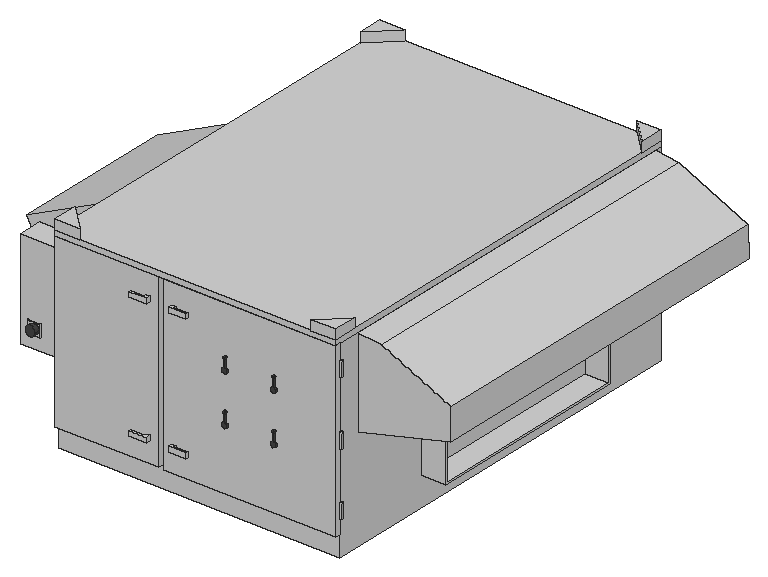
Revit family "HE4XRTH_FEB23", category Mechanical Equipment, Revit 2019
Family settings
  Round Connector Dimension = Use Diameter
  Part Type = Normal
  OmniClass Number = 23.75.00.00
  OmniClass Title = Climate Control (HVAC)
  Work Plane-Based = No
  Always vertical = Yes
  Cut with Voids When Loaded = No
  Shared = No
  Room Calculation Point = No
Parameters (values of type "2.0 HP 120V Single Phase")
  Voltage = "120"
  Ventilation Type = "Static Plate, Heat and Humidity Transfer"
  Unit Width = "83\""
  Unit Weight = "838-1,143 lbs."
  Unit Length = "94\""
  Unit Height = "44\""
  Unit = Metal - RenewAire - Anodized - Gray Text
  URL = "www.renewaire.com"
  Typical Airflow Range = "1,000 - 4,400 CFM"
  Standard Features = "TEFC Premium efficiency motors, Motor starters, Non-Fused Disconnect, 24VAC Transformer/Relay Package"
  Shipping Weight = "1,279 lbs."
  Service Area Visibility = no
  Service Area Box = Interference - RenewAire - Smooth - Light - Gold
  Revit Object Download Link = ""
  Phase = "Single"
  Options = "Integrated programmable controls, Fused disconnect, Double wall construction, Factory supplied and mounted variable frequency drives (VFDs) – one or both airstreams, Class 1 low leakage motorized isolation dampers – OA, RA or both airstreams, Qty. 2 Factory mounted filter alarms, Exterior Paint - white, custom colors"
  Number Motors = "Qty. 2, Belt drive blower/standard motor packages with adjustable sheaves"
  Model = "HE 4XRTH"
  Minimum Circuit Amps = "45.0 A"
  Maximum Overcurrent Protection = "60 A"
  Max. Shipping Width = "90\""
  Max. Shipping Length = "80\""
  Max. Shipping Height = "67\""
  Manufacturer = "RenewAire LLC"
  Frequency = "60 HZ"
  FLA per Motor = "20.0"
  Description = "Energy Recovery Ventilator"
  Connector Base Material = Glass - With - Transparency
  Accessories = "Filters - MERV 13, 2\" (shipped loose),Roof curb - standard 14\", Curb wind clip, Engineered combo curb for Carrier RTU, Engineered combo curb for Trane RTU, Digital time clock - wall mount(TC7D-W), in exterior enclosure (TC7D-E), Motion occupancy control - ceiling mount(MC-C), wall mount(MC-W), Carbon dioxide control - wall mount (CO2-W), duct mount(CO2-D), Electric duct heater – EK series (1-60 KW); EH series (61-175kW), designed for indoor ductwork installation only, Indirect gas-fired duct furnace - GH Series (50-400 MBH), installed downstream of any fans"
  AHRI 1060 Certified Core = "Four L125-G5"
Types (13): name | Voltage | Phase | Minimum Circuit Amps | Maximum Overcurrent Protection | FLA per Motor
  (no name) | "120" | "Single" | "45.0 A" | "60 A" | "20.0"
  2.0 HP 120V Single Phase | "120" | "Single" | "45.0 A" | "60 A" | "20.0"
  2.0 HP 208-230V Three Phase | "208-230" | "Three" | "14.9 A" | "20 A" | "6.6-5.8"
  2.0 HP 208-230 Single Phase | "208-230" | "Single" | "24.3 A" | "35 A" | "10.8-10.0"
  2.0 HP 460V Three Phase | "460" | "Three" | "6.5 A" | "15 A" | "2.9"
  2.0 HP 575V Three Phase | "575" | "Three" | "5.4 A" | "15 A" | "2.4"
  3.0 HP 208-230V Single Phase | "208-230" | "Single" | "33.1" | "40 A" | "14.7-14"
  3.0 HP 208-230V Three Phase | "208-230" | "Three" | "21.1 A" | "25 A" | "9.4-8.5"
  3.0 HP 460V Three Phase | "460" | "Three" | "9.5 A" | "15 A" | "4.2"
  3.0 HP 575V Three Phase | "575" | "Three" | "7.4 A" | "15 A" | "3.3"
  5.0 HP 208-230V Three Phase | "208-230" | "Three" | "32.6 A" | "45 A" | "14.5-13.4"
  5.0 HP 460V Three Phase | "460" | "Three" | "15.1 A" | "20 A" | "6.7"
  5.0 HP 575V Three Phase | "575" | "Three" | "11.9 A" | "15 A" | "5.3"
Reference planes (in)
  plane 1 "Center (Front/Back)": y = 0
  plane 2: z = 0
  plane 3 "Center (Left/Right)": x = 0
Forms (in)
  Extrusion 1, solid, material "Metal - RenewAire - Anodized - Gray Text" <- "Unit"
    sketch origin (0, 0, 0) x (1, 0, 0) y (0, 0, 1)
      loop
        line (-28.6875, 0) -> (28.6875, 0) -> (28.6875, 39.25) -> (-28.6875, 39.25) -> (-28.6875, 0)
    from 40.5625 to -41.5625
  Extrusion 2, solid, material "Metal - RenewAire - Anodized - Gray Text"
    sketch origin (0, 0, 0) x (1, 0, 0) y (0, 0, 1)
      loop
        line (-28.6875, 39.25) -> (28.6875, 39.25) -> (28.6875, 40.25) -> (-28.6875, 40.25) -> (-28.6875, 39.25)
    from 41.5625 to -41.5625
  Extrusion 3, solid, material "Metal - RenewAire - Anodized - Gray Text"
    sketch origin (0, 0, 0) x (1, 0, 0) y (0, 0, 1)
      loop
        line (-6.4375, 39.25) -> (-6.4375, 4.25) -> (28.6875, 4.25) -> (28.6875, 39.25) -> (-6.4375, 39.25)
      loop
        line (-28.6875, 39.25) -> (-28.6875, 4.25) -> (-7.5625, 4.25) -> (-7.5625, 39.25) -> (-28.6875, 39.25)
    from 41.5625 to 40.5625
  Extrusion 4, solid, material "Metal - RenewAire - Anodized - Gray Text"
    sketch origin (0, -10.4375, 0) x (1, 0, 0) y (0, 1, 0)
      loop
        circle (-28.9375, -30.125) r 0.25
      loop
        circle (28.9375, -30.125) r 0.25
    from 10.25 to 7.25
  Extrusion 5, solid, material "Metal - RenewAire - Anodized - Gray Text"
    sketch origin (0, -10.4375, 0) x (1, 0, 0) y (0, 1, 0)
      loop
        circle (-28.9375, -30.125) r 0.25
      loop
        circle (28.9375, -30.125) r 0.25
    from 36.25 to 33.25
  Extrusion 6, solid, material "Metal - RenewAire - Anodized - Gray Text"
    sketch origin (0, -10.4375, 0) x (1, 0, 0) y (0, 1, 0)
      loop
        circle (-28.9375, -30.125) r 0.25
      loop
        circle (28.9375, -30.125) r 0.25
    from 23.125 to 20.125
  Extrusion 7, solid, material "Metal - RenewAire - Anodized - Gray Text"
    sketch origin (0, -10.4375, 0) x (1, 0, 0) y (0, 1, 0)
      loop
        line (-4.6875, -31.125) -> (-4.6875, -32) -> (-1.1875, -32) -> (-1.1875, -31.625) -> (-3.9375, -31.625) -> (-3.9375, -31.125) -> (-4.6875, -31.125)
      loop
        line (-9.3125, -31.125) -> (-10.0625, -31.125) -> (-10.0625, -31.625) -> (-12.8125, -31.625) -> (-12.8125, -32) -> (-9.3125, -32) -> (-9.3125, -31.125)
    from 9.5 to 8.5
  Extrusion 8, solid, material "Metal - RenewAire - Anodized - Gray Text"
    sketch origin (0, -10.4375, 0) x (1, 0, 0) y (0, 1, 0)
      loop
        line (-4.6875, -31.125) -> (-4.6875, -32) -> (-1.1875, -32) -> (-1.1875, -31.625) -> (-3.9375, -31.625) -> (-3.9375, -31.125) -> (-4.6875, -31.125)
      loop
        line (-9.3125, -31.125) -> (-10.0625, -31.125) -> (-10.0625, -31.625) -> (-12.8125, -31.625) -> (-12.8125, -32) -> (-9.3125, -32) -> (-9.3125, -31.125)
    from 35 to 34
  Extrusion 9, solid, material "Metal - RenewAire - Anodized - Gray Text"
    sketch origin (0, 0, -3.36861) x (1, 0, 0) y (0, 0, 1)
      loop
        line (-28.6875, 37.5) -> (-39, 37.5) -> (-39, 17.5) -> (-28.6875, 17.5) -> (-28.6875, 37.5)
    from 37.5625 to 32.5625
  Extrusion 10, solid, material "Metal - RenewAire - Anodized - Gray Text"
    sketch origin (0, 0, -3.36861) x (1, 0, 0) y (0, 0, 1)
      loop
        line (-37.375, 22.5) -> (-37.375, 20) -> (-34.875, 20) -> (-34.875, 22.5) -> (-37.375, 22.5)
    from 37.6875 to 37.5625
  Extrusion 11, solid, material "MonitorPorts"
    sketch origin (0, 0, -3.36861) x (1, 0, 0) y (0, 0, 1)
      loop
        circle (-36.125, 21.25) r 1
    from 38.5625 to 37.5625
  Extrusion 12, solid, material "Metal - RenewAire - Anodized - Gray Text" <- "Unit"
    sketch origin (0, 0, 0) x (0, 1, 0) y (0, 0, 1)
      loop
        line (22.3125, 20) -> (-19.6875, 20) -> (-19.6875, 6) -> (22.3125, 6) -> (22.3125, 20)
      loop
        line (22.0625, 19.75) -> (-19.4375, 19.75) -> (-19.4375, 6.25) -> (22.0625, 6.25) -> (22.0625, 19.75)
    from 33.6875 to 28.6875
  Extrusion 13, solid, material "Metal - RenewAire - Anodized - Gray Text"
    sketch origin (0, 3, 0) x (0, 1, 0) y (0, 0, 1)
      loop
        line (-29.3125, 6.125) -> (2.6875, 6.125) -> (2.6875, 18.125) -> (-29.3125, 18.125) -> (-29.3125, 6.125)
      loop
        line (2.4375, 17.875) -> (-29.0625, 17.875) -> (-29.0625, 6.375) -> (2.4375, 6.375) -> (2.4375, 17.875)
    from -28.6875 to -29.6875
  Extrusion 14, solid, material "Interference - RenewAire - Smooth - Light - Gold" <- "Service Area Box", visible <- "Service Area Visibility"
    sketch origin (0, 0, 0) x (1, 0, 0) y (0, 0, 1)
      loop
        line (28.6875, 40.25) -> (-39, 40.25) -> (-39, 0) -> (28.6875, 0) -> (28.6875, 40.25)
    from 80.4375 to 41.5625
  Extrusion 15, solid, material "Metal - RenewAire - Anodized - Gray Text" <- "Unit"
    sketch origin (0, 0, 0) x (1, 0, 0) y (0, 1, 0)
      loop
        line (-28.6875, 41.5625) -> (-28.6875, 36.5625) -> (-23.6875, 41.5625) -> (-28.6875, 41.5625)
      loop
        line (-28.6875, -41.5625) -> (-23.6875, -41.5625) -> (-28.6875, -36.5625) -> (-28.6875, -41.5625)
      loop
        line (28.6875, -41.5625) -> (28.6875, -36.5625) -> (23.6875, -41.5625) -> (28.6875, -41.5625)
      loop
        line (28.6875, 41.5625) -> (23.6875, 41.5625) -> (28.6875, 36.5625) -> (28.6875, 41.5625)
    from 42.25 to 40.25
  Extrusion 16, solid, material "Metal - RenewAire - Anodized - Gray Text"
    sketch origin (0, 0, 0) x (1, 0, 0) y (0, 0, 1)
      loop
        line (28.6875, 39.25) -> (28.6875, 21) -> (47.8125, 26) -> (47.8125, 32.25) -> (33.6875, 38.75) -> (28.6875, 39.25)
    from 36 to -40
  Extrusion 17, solid, material "Metal - RenewAire - Anodized - Gray Text"
    sketch origin (0, 3, 0) x (1, 0, 0) y (0, 0, 1)
      loop
        line (-28.6875, 22.25) -> (-28.6875, 39.25) -> (-45.8125, 30.75) -> (-43.0625, 25.20956) -> (-34.0625, 22.25) -> (-28.6875, 22.25)
    from 30.3125 to -3
  Extrusion 18, void
    sketch origin (0, 0, 0) x (1, 0, 0) y (0, 1, 0)
      loop
        line (-28.1875, 41.0625) -> (-28.1875, -40.0625) -> (28.1875, -40.0625) -> (28.1875, 41.0625) -> (-28.1875, 41.0625)
    from 4.625 to -2.68575
Cuts and joins
  Extrusion 18 cuts Extrusion 1
  Extrusion 18 cuts Extrusion 3
  Extrusion 18 cuts Extrusion 14
Dimensions and locks (in)
  Extrusion 2 to Extrusion 3 sketch curve to Extrusion 3 sketch curve = 1' - 9 1/8", 3' - 0 1/4"
  aligned and locked: level to plane 2
Nested families (in)
  nested 1: "Monitoring Port" at (16.125, -41.5625, 19.472) x (-1, 0, 0) z (0, 0, -1), type "Monitoring Port"
  nested 2: "Monitoring Port" at (6.125, -41.5625, 19.472) x (-1, 0, 0) z (0, 0, -1), type "Monitoring Port"
  nested 3: "Monitoring Port" at (16.125, -41.5625, 29.472) x (-1, 0, 0) z (0, 0, -1), type "Monitoring Port"
  nested 4: "Monitoring Port" at (6.125, -41.5625, 29.472) x (-1, 0, 0) z (0, 0, -1), type "Monitoring Port"
Connectors (in)
  hvac at (-29.6875, -10.3125, 12.125)
    settings: on Extrusion 13, index 1, duct flow 0 CFM, flow factor 0, pres drop 0.00 in-wg, loss coef 0, conn angle 0.00°, conn width 32", conn height 12", conn diameter 24", duct sys type 1, conn prof type 1, flow config 0, flow direction 2, loss method 0, conn ref index -1, conn util no, is conn primary yes, conn desc "FA (Fresh Air)"
  hvac at (33.6875, 1.3125, 13)
    settings: on Extrusion 12, index 4, duct flow 0 CFM, flow factor 0, pres drop 0.00 in-wg, loss coef 0, conn angle 0.00°, conn width 42", conn height 14", conn diameter 24", duct sys type 2, conn prof type 1, flow config 0, flow direction 1, loss method 0, conn ref index -1, conn util no, is conn primary no, conn desc "RA (Return Air)"
Definition of nested family "Monitoring Port"
  Parameters
    URL = "www.renewaire.com"
    Revit Object Download Link = ""
    Model = ""
    Manufacturer = "RenewAire LLC"
    Description = "Monitoring Ports"
  Reference planes (in)
    plane 1 "Center (Front/Back)": y = 0
    plane 2: z = 0
    plane 3 "Center (Left/Right)": x = 0
  Forms (in)
    Extrusion 1, solid
      sketch origin (-9.43348, 0, 37.76669) x (-1, 0, 0) y (0, 0, -1)
        loop
          line (-9.53348, 35.65895) -> (-9.94097, 35.42369) -> (-9.94097, 34.83769) -> (-9.43348, 34.54469) -> (-8.92599, 34.83769) -> (-8.92599, 35.42369) -> (-9.33348, 35.65895) -> (-9.33348, 37.28756)
          arc (-9.33348, 37.28756) -> (-9.43348, 37.76669) -> (-9.53348, 37.28756) r 0.25
          line (-9.53348, 37.28756) -> (-9.53348, 35.65895)
      from 0 to 0.25
  Dimensions and locks (in)
    aligned and locked: level to plane 2
